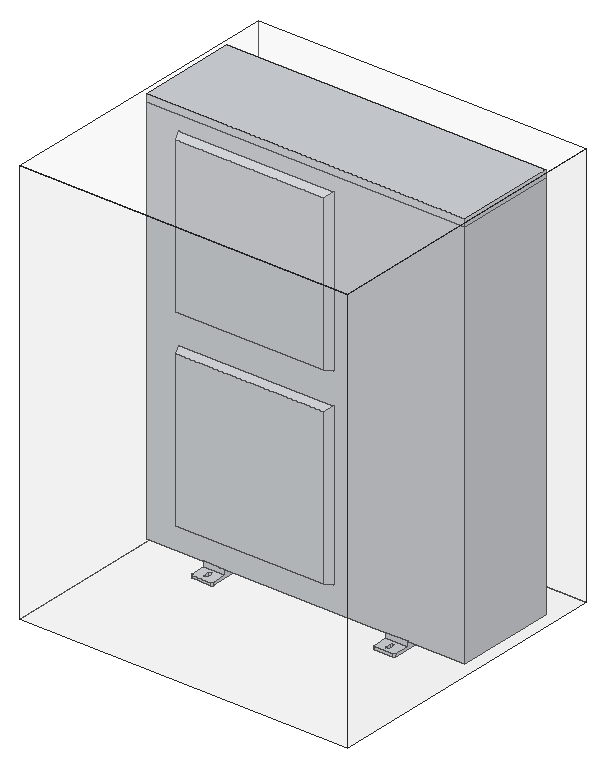
Revit family "puz-dhrmp80_140ka2_50hz", category 機械設備, Revit 2019 (continued)
Definition of nested family "PUZ-ZRMP-3"
  Dimensions and locks
    aligned and locked: plane 57 to Extrusion 5 sketch curve
    aligned and locked: plane 53 to Extrusion 5 sketch curve
    aligned and locked: plane 58 to Extrusion 6 sketch curve
    aligned and locked: plane 56 to Extrusion 6 sketch curve
    aligned and locked: plane 61 to Extrusion 7 sketch curve
    aligned and locked: plane 54 to Extrusion 7 sketch curve
    aligned and locked: plane 55 to Extrusion 7
    aligned and locked: Extrusion 7 to plane 62
    aligned and locked: plane 64 to Extrusion 6
    aligned and locked: plane 63 to Extrusion 5
    aligned and locked: Extrusion 6 to plane 60
    aligned and locked: Extrusion 5 to plane 59
    aligned and locked: plane 66 to Extrusion 8 sketch curve
    aligned and locked: plane 65 to Extrusion 8 sketch curve
    aligned and locked: Extrusion 8 to plane 60
    aligned and locked: plane 64 to Extrusion 8
    aligned and locked: Blend 9 sketch curve to plane 71
    aligned and locked: Blend 9 sketch curve to plane 72
    aligned and locked: Blend 9 sketch curve to plane 42
    aligned and locked: Blend 9 sketch curve to plane 41
    aligned and locked: plane 45 to Blend 9 sketch curve
    aligned and locked: Blend 9 sketch curve to plane 46
    aligned and locked: Blend 9 sketch curve to plane 73
    aligned and locked: plane 74 to Blend 9 sketch curve
    aligned and locked: Blend 9 to plane 8
    aligned and locked: plane 38 to Blend 9
    aligned and locked: plane 22 to Extrusion 10 sketch curve
    aligned and locked: plane 21 to Extrusion 10 sketch curve
    aligned and locked: Extrusion 10 sketch curve to Extrusion 1  (x4)
    aligned and locked: Extrusion 10 sketch curve to plane 23
    aligned and locked: Extrusion 10 sketch curve to plane 20
    aligned and locked: plane 24 to Extrusion 10
    aligned and locked: Extrusion 10 to level
    aligned and locked: plane 25 to Extrusion 11
    aligned and locked: Extrusion 11 to plane 26
    aligned and locked: Masking region 1 sketch curve to Extrusion 3  (x4)
    aligned and locked: Masking region 1 sketch curve to cut or joined group of Extrusion 1, Extrusion 10  (x8)
    aligned and locked: Masking region 1 sketch curve to Blend 9  (x3)
    aligned and locked: plane 51 to Extrusion 11 sketch curve
    aligned and locked: plane 52 to Extrusion 11 sketch curve
    aligned and locked: plane 76 to Extrusion 11 sketch curve
    aligned and locked: plane 77 to Extrusion 11 sketch curve
    aligned and locked: plane 78 to Extrusion 11 sketch curve
    aligned and locked: plane 79 to Extrusion 11 sketch curve
    aligned and locked: plane 75 to Extrusion 11 sketch curve  (x4)
  Automatic sketch dimensions
    plane 7 to Extrusion 1 sketch curve = 0 mm  (x2)
    Extrusion 1 sketch curve to plane 18 = 0 mm
    plane 8 to Extrusion 1 sketch curve = 0 mm  (x2)
    Extrusion 1 sketch curve to plane 19 = 0 mm
    Extrusion 1 sketch curve to plane 20 = 0 mm
    Extrusion 1 sketch curve to plane 21 = 0 mm
    curve 187 to curve 188 = 40 mm
    curve 186 to curve 190 = 13.333 mm
    curve 190 to curve 190 = 40 mm
    curve 186 to curve 193 = 0 mm
    curve 186 to curve 188 = 40 mm
    curve 188 to curve 191 = 0 mm
    curve 179 to curve 180 = 40 mm
    curve 178 to curve 182 = 120 mm
    curve 182 to curve 182 = 40 mm
    curve 178 to curve 185 = 0 mm
    curve 178 to curve 180 = 40 mm
    curve 182 to curve 183 = 40 mm
    curve 25 to plane 45 = 0 mm
    curve 24 to plane 45 = 0 mm
    curve 22 to plane 45 = 0 mm
    curve 23 to plane 45 = 0 mm
    curve 26 to plane 45 = 0 mm
    curve 21 to plane 45 = 0 mm
    curve 24 to plane 46 = 0 mm
    curve 25 to plane 46 = 0 mm
    curve 26 to plane 46 = 0 mm
    curve 23 to plane 46 = 0 mm
    curve 22 to plane 46 = 0 mm
    curve 21 to plane 46 = 0 mm
    curve 37 to plane 48 = 0 mm
    curve 52 to plane 48 = 0 mm
    curve 51 to plane 48 = 0 mm
    curve 50 to plane 48 = 0 mm
    curve 49 to plane 48 = 0 mm
    curve 48 to plane 48 = 0 mm
    curve 47 to plane 48 = 0 mm
    curve 46 to plane 48 = 0 mm
    curve 45 to plane 48 = 0 mm
    curve 44 to plane 48 = 0 mm
    curve 43 to plane 48 = 0 mm
    curve 42 to plane 48 = 0 mm
    curve 41 to plane 48 = 0 mm
    curve 27 to plane 48 = 0 mm
    curve 28 to plane 48 = 0 mm
    curve 40 to plane 48 = 0 mm
    curve 39 to plane 48 = 0 mm
    curve 29 to plane 48 = 0 mm
    curve 38 to plane 48 = 0 mm
    curve 30 to plane 48 = 0 mm
    curve 53 to plane 48 = 0 mm
    curve 31 to plane 48 = 0 mm
    curve 36 to plane 48 = 0 mm
    curve 32 to plane 48 = 0 mm
    curve 35 to plane 48 = 0 mm
    curve 33 to plane 48 = 0 mm
    curve 34 to plane 48 = 0 mm
    curve 28 to plane 47 = 0 mm
    curve 41 to plane 47 = 0 mm
    curve 27 to plane 47 = 0 mm
    curve 42 to plane 47 = 0 mm
    curve 31 to plane 47 = 0 mm
    curve 40 to plane 47 = 0 mm
    curve 37 to plane 47 = 0 mm
    curve 39 to plane 47 = 0 mm
    curve 32 to plane 47 = 0 mm
    curve 45 to plane 47 = 0 mm
    curve 36 to plane 47 = 0 mm
    curve 46 to plane 47 = 0 mm
    curve 43 to plane 47 = 0 mm
    curve 47 to plane 47 = 0 mm
    curve 29 to plane 47 = 0 mm
    curve 48 to plane 47 = 0 mm
    curve 30 to plane 47 = 0 mm
    curve 49 to plane 47 = 0 mm
    curve 44 to plane 47 = 0 mm
    curve 50 to plane 47 = 0 mm
    curve 33 to plane 47 = 0 mm
    curve 51 to plane 47 = 0 mm
    curve 35 to plane 47 = 0 mm
    curve 52 to plane 47 = 0 mm
    curve 38 to plane 47 = 0 mm
    curve 53 to plane 47 = 0 mm
    curve 34 to plane 47 = 0 mm
    plane 13 to curve 304 = 138 mm
    curve 304 to plane 46 = 0 mm
    curve 307 to plane 45 = 0 mm
    curve 306 to plane 45 = 0 mm
    curve 303 to plane 45 = 0 mm
    curve 308 to plane 45 = 0 mm
    curve 303 to plane 46 = 0 mm
    curve 306 to plane 46 = 0 mm
    curve 307 to plane 46 = 0 mm
    curve 308 to plane 46 = 0 mm
    curve 309 to plane 45 = 0 mm
    curve 309 to plane 46 = 0 mm
    curve 305 to plane 74 = 0 mm
    curve 305 to plane 73 = 0 mm
    curve 310 to plane 74 = 0 mm
    curve 310 to plane 73 = 0 mm
    curve 311 to plane 73 = 0 mm
    curve 311 to plane 74 = 0 mm
    curve 312 to plane 74 = 0 mm
    curve 312 to plane 73 = 0 mm
    curve 313 to plane 74 = 0 mm
    curve 313 to plane 73 = 0 mm
    curve 314 to plane 73 = 0 mm
    curve 314 to plane 74 = 0 mm
    curve 315 to plane 74 = 0 mm
    curve 315 to plane 73 = 0 mm
    curve 316 to plane 73 = 0 mm
    curve 316 to plane 74 = 0 mm
    curve 317 to plane 74 = 0 mm
    curve 317 to plane 73 = 0 mm
    curve 318 to plane 74 = 0 mm
    curve 318 to plane 73 = 0 mm
    curve 319 to plane 74 = 0 mm
    curve 319 to plane 73 = 0 mm
    curve 320 to plane 74 = 0 mm
    curve 320 to plane 73 = 0 mm
    curve 321 to plane 74 = 0 mm
    curve 321 to plane 73 = 0 mm
    curve 322 to plane 73 = 0 mm
    curve 322 to plane 74 = 0 mm
    curve 323 to plane 73 = 0 mm
    curve 323 to plane 74 = 0 mm
    curve 324 to plane 73 = 0 mm
    curve 324 to plane 74 = 0 mm
    curve 325 to plane 74 = 0 mm
    curve 325 to plane 73 = 0 mm
    curve 326 to plane 74 = 0 mm
    curve 326 to plane 73 = 0 mm
    curve 327 to plane 74 = 0 mm
    curve 327 to plane 73 = 0 mm
    curve 328 to plane 74 = 0 mm
    curve 328 to plane 73 = 0 mm
    curve 329 to plane 74 = 0 mm
    curve 329 to plane 73 = 0 mm
    curve 330 to plane 74 = 0 mm
    curve 330 to plane 73 = 0 mm
    curve 331 to plane 74 = 0 mm
    curve 331 to plane 73 = 0 mm
    curve 332 to plane 73 = 0 mm
    curve 332 to plane 74 = 0 mm
    curve 333 to plane 74 = 0 mm
    curve 333 to plane 73 = 0 mm
    curve 334 to plane 73 = 0 mm
    curve 334 to plane 74 = 0 mm
    curve 335 to plane 74 = 0 mm
    curve 335 to plane 73 = 0 mm
    Extrusion 10 sketch curve to plane 18 = 0 mm  (x2)
    plane 8 to Extrusion 10 sketch curve = 0 mm
    plane 23 to Extrusion 10 sketch curve = 0 mm
    plane 22 to Extrusion 10 sketch curve = 0 mm  (x3)
    plane 16 to Extrusion 10 sketch curve = 0 mm  (x3)
    plane 17 to Extrusion 10 sketch curve = 0 mm  (x3)
    Extrusion 10 sketch curve to plane 15 = 0 mm  (x2)
    Extrusion 10 sketch curve to plane 19 = 0 mm  (x2)
    Extrusion 10 sketch curve to plane 14 = 0 mm  (x2)
    plane 7 to Extrusion 10 sketch curve = 0 mm
    Extrusion 10 sketch curve to plane 18 = 5 mm
    plane 15 to Extrusion 10 sketch curve = 6 mm  (x2)
    plane 19 to Extrusion 10 sketch curve = 5 mm
    Extrusion 10 sketch curve to plane 20 = 5 mm
    plane 14 to Extrusion 10 sketch curve = 6 mm  (x2)
    plane 21 to Extrusion 10 sketch curve = 5 mm
    plane 38 to Extrusion 10 sketch curve = 10 mm  (x2)
    plane 19 to Masking region 1 sketch curve = 0 mm
    plane 21 to Masking region 1 sketch curve = 0 mm
    plane 7 to Masking region 1 sketch curve = 0 mm  (x2)
    Masking region 1 sketch curve to plane 20 = 0 mm
    Masking region 1 sketch curve to plane 18 = 0 mm
    plane 8 to Masking region 1 sketch curve = 0 mm  (x2)
    plane 38 to Masking region 1 sketch curve = 0 mm
    curve 352 to plane 6 = 0 mm
    plane 7 to curve 352 = 0 mm
    curve 353 to plane 18 = 0 mm
    curve 348 to plane 18 = 0 mm
    plane 8 to curve 346 = 0 mm
    curve 354 to plane 19 = 0 mm
    curve 347 to plane 19 = 0 mm
    curve 345 to plane 41 = 0 mm
    plane 38 to curve 344 = 0 mm
    curve 344 to plane 46 = 0 mm
    curve 357 to plane 20 = 0 mm
    curve 343 to plane 20 = 0 mm
    curve 358 to plane 21 = 0 mm
    curve 341 to plane 21 = 0 mm
    curve 339 to plane 45 = 0 mm
    curve 339 to plane 42 = 0 mm
    curve 337 to plane 5 = 0 mm
    plane 22 to curve 354 = 0 mm
    plane 22 to curve 358 = 0 mm
    plane 23 to curve 342 = 0 mm
    plane 23 to curve 347 = 0 mm
    curve 11 to plane 65 = 6 mm
    plane 18 to curve 352 = 28.157 mm
    plane 15 to curve 346 = 0.043 mm
    plane 21 to curve 338 = 11.963 mm
    curve 336 to plane 21 = 9.073 mm
    curve 344 to plane 21 = 22.105 mm
    plane 28 to curve 3 = 5 mm
    curve 3 to plane 45 = 38 mm
    curve 1 to plane 45 = 38 mm
    curve 3 to curve 5 = 0 mm
    curve 4 to plane 29 = 5 mm
    curve 372 to plane 65 = 6 mm
    plane 65 to curve 376 = 9 mm
    curve 12 to plane 65 = 6 mm
    curve 20 to plane 53 = 4 mm
    curve 2 to curve 16 = 15 mm
    plane 51 to curve 15 = 5 mm
Definition of nested family "固定点"
  Parameters (values of type "固定点")
    中心円 = if(W > 599 mm, 12 mm, 10 mm)  # 12 mm
    W = 1000 mm
    D = 1000 mm
  Reference planes
    plane 1 "中心(正面/背面)": y = 0
    plane 2: z = 0
    plane 3 "中心(左/右)": x = 0
    plane 4: x = 1000
    plane 5: y = 1000
  Lines and regions (mm)
    symbolic lines, detail levels fine
      curve 1: circle (0, 1000, 0) r 6 normal (0, 0, 1)
      curve 2: circle (0, 0, 0) r 6 normal (0, 0, 1)
      curve 3: circle (1000, 1000, 0) r 6 normal (0, 0, 1)
      curve 4: circle (1000, 0, 0) r 6 normal (0, 0, 1)
      curve 5: line (-200, 1000, 0) -> (1200, 1000, 0)
      curve 6: line (-200, 0, 0) -> (1200, 0, 0)
      curve 7: line (0, 1200, 0) -> (0, -200, 0)
      curve 8: line (1000, 1200, 0) -> (1000, -200, 0)
  Dimensions and locks
    "W": plane 3 "中心(左/右)" to plane 4
    "D": plane 1 "中心(正面/背面)" to plane 5
    "中心円": diameter of curve 1
    "中心円": diameter of curve 2
    "中心円": diameter of curve 3
    "中心円": diameter of curve 4
    aligned and locked: level to plane 2
    aligned and locked: plane 5 to curve 1
    aligned and locked: plane 3 "中心(左/右)" to curve 1
    aligned and locked: plane 3 "中心(左/右)" to curve 2
    aligned and locked: plane 1 "中心(正面/背面)" to curve 2
    aligned and locked: plane 4 to curve 3
    aligned and locked: plane 5 to curve 3
    aligned and locked: plane 1 "中心(正面/背面)" to curve 4
    aligned and locked: plane 4 to curve 4
    aligned and locked: plane 1 "中心(正面/背面)" to curve 6
    aligned and locked: curve 7 to plane 3 "中心(左/右)"
    aligned and locked: curve 8 to plane 4
  Automatic sketch dimensions
    curve 5 to plane 5 = 0 mm
    curve 6 to plane 3 "中心(左/右)" = 200 mm
    curve 5 to plane 3 "中心(左/右)" = 200 mm
    curve 4 to curve 6 = 200 mm
    curve 3 to curve 5 = 200 mm
    plane 1 "中心(正面/背面)" to curve 8 = 200 mm
    plane 1 "中心(正面/背面)" to curve 7 = 200 mm
    curve 3 to curve 8 = 200 mm
    curve 1 to curve 7 = 200 mm
Types (3, lengths in mm): name | 音響パワーレベル（冷）(dB) | 音響パワーレベル(dB) | 電動機出力_圧縮機 | 消費電力_暖房 | 消費電力_冷房 | 消費電力 | 構成品番 | 暖房能力 | 推奨ブレーカー容量 | 冷房能力
  室外機_PUZ-DHRMP80KA2 (-BS,BSG) | 66 | 68 | 1.5 kW | 1.92 kW | 1.77 kW | 1.92 kW | "PUZ-DHRMP80KA2 (-BS,-BSG)" | 8 kW | 30 A | 7.1 kW
  室外機_PUZ-DHRMP112KA2 (-BS,BSG) | 66 | 69 | 2.1 kW | 2.69 kW | 2.5 kW | 2.69 kW | "PUZ-DHRMP112KA2 (-BS,-BSG)" | 11.2 kW | 30 A | 10 kW
  室外機_PUZ-DHRMP140KA2 (-BS,BSG) | 68 | 69 | 2.7 kW | 3.82 kW | 3.69 kW | 3.82 kW | "PUZ-DHRMP140KA2 (-BS,-BSG)" | 14 kW | 40 A | 12.5 kW
